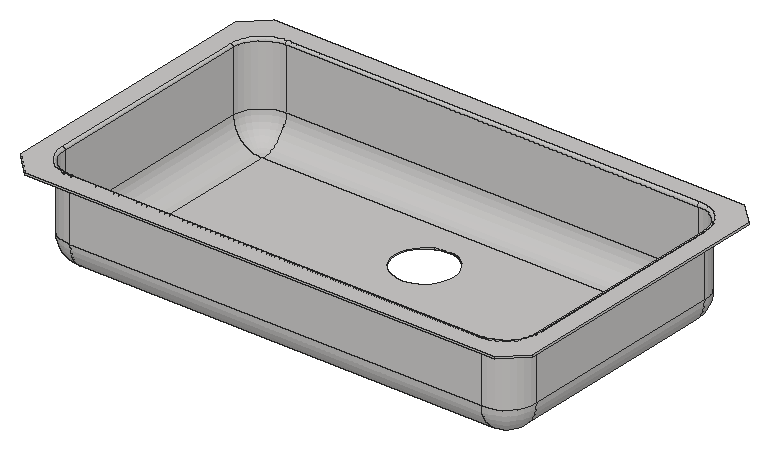
Revit family "Sink-Undermount-Acorn-SUADA-2816-45,55_Series", category Plumbing Fixtures, host Face, Revit 2019
Family settings
  Host = Face
  Round Connector Dimension = Use Diameter
  Part Type = Normal
  OmniClass Number = 23.45.05.14.14
  OmniClass Title = Sinks/Lavatories
  Cut with Voids When Loaded = No
  Shared = Yes
  Room Calculation Point = No
Parameters (values of type "SUADA-2816-55")
  Width = 30 1/2"  # constant formula
  Waste Connection = no
  WFU = 4  # constant formula
  Vent Connection = no
  URL = "https://www.acorneng.com/home"
  Type Comments = ""
  Product Page URL = ""
  Product Documentation Link = ""
  Model = "SUADA-2816-55"
  Material = "Stainless Steel-Acorn-Satin"  # constant formula
  Manufacturer = "Acorn"
  Length = 18 1/2"  # constant formula
  Installation Type = "Wall Mounted"
  Height = 5 1/2"
  HWFU = 3  # constant formula
  HW Connection = no
  Finish = Stainless Steel-Acorn-Satin
  Drain Opening Size = 3 1/2"
  Description = "Stainless Steel Undermount Sink"
  Default Elevation = 34"
  Creation Date = "23/12/2023"  # constant formula
  Compliance Certifications = "ASME A112.19.3/CSA B45.4, IAPMO® Certified"
  CWFU = 3  # constant formula
  CW Connection = no
  Bowl Width = 28"  # constant formula
  Bowl Length = 16"  # constant formula
  Assembly Code = "D2010440"
  ADA Compliant = yes
Types (3): name | Model | Height
  (no name) | "SUADA-2816-55" | 5 1/2"
  SUADA-2816-55 | "SUADA-2816-55" | 5 1/2"
  SUADA-2816-45 | "SUADA-2816-45" | 4 1/2"
Reference planes (in)
  plane 1 "Center (Front/Back)": y = 0
  plane 2: z = 0
  plane 3 "Center (Left/Right)": x = 0
  plane 4: z = -5.5
  plane 5: z = 0
  plane 6: z = 0
  plane 7: z = 0
  plane 8: x = -15.25
  plane 9: x = 15.25
  plane 10: x = -14
  plane 11: x = 14
  plane 12: y = -18.5
  plane 13: y = -17.25
  plane 14: y = -1.25
  plane 15: y = -6.25
  plane 16: z = -5.4375
Forms (in)
  Extrusion 1, solid, material "Stainless Steel-Acorn-Satin" <- "Finish"
    sketch origin (-24.32594, 1.28976, -0.59717) x (1, 0, 0) y (0, 1, 0)
      loop
        circle (24.32594, -7.53976) r 1.75
      loop
        arc (12.07594, -4.22734) -> (12.03181, -4.24562) -> (12.01353, -4.28976) r 0.06242
        line (12.01353, -4.28976) -> (12.01353, -16.78976)
        arc (12.01353, -16.78976) -> (12.03181, -16.83389) -> (12.07594, -16.85218) r 0.06242
        line (12.07594, -16.85218) -> (36.57594, -16.85218)
        arc (36.57594, -16.85218) -> (36.62008, -16.83389) -> (36.63836, -16.78976) r 0.06242
        line (36.63836, -16.78976) -> (36.63836, -4.28976)
        arc (36.63836, -4.28976) -> (36.62008, -4.24562) -> (36.57594, -4.22734) r 0.06242
        line (36.57594, -4.22734) -> (12.07594, -4.22734)
    from -4.90283 to -4.84033
  Sweep 2, solid, material "Stainless Steel-Acorn-Satin" <- "Finish"
    path origin (-5.75, 0.4907, 0) x (1, 0, 0) y (0, 1, 0)
      loop
        line (-8.25, -3.4907) -> (-8.25, -15.9907)
        arc (-8.25, -15.9907) -> (-7.73744, -17.22814) -> (-6.5, -17.7407) r 1.75
        line (-6.5, -17.7407) -> (18, -17.7407)
        arc (18, -17.7407) -> (19.23744, -17.22814) -> (19.75, -15.9907) r 1.75
        line (19.75, -15.9907) -> (19.75, -3.4907)
        arc (19.75, -3.4907) -> (19.23744, -2.25326) -> (18, -1.7407) r 1.75
        line (18, -1.7407) -> (-6.5, -1.7407)
        arc (-6.5, -1.7407) -> (-7.73744, -2.25326) -> (-8.25, -3.4907) r 1.75
    profile origin (-14, -9.25, 0) x (1, 0, 0) y (0, 0, 1)
      loop
        line (-0.15271, 0) -> (-0.21339, 0) -> (-0.21339, -0.09698) -> (-0.11121, -0.09698)
        arc (-0.11121, -0.09698) -> (-0.07671, -0.11127) -> (-0.06242, -0.14578) r 0.0488
        line (-0.06242, -0.14578) -> (-0.06242, -3.75)
        arc (-0.06242, -3.75) -> (0.45015, -4.98744) -> (1.68758, -5.5) r 1.75
        line (1.68758, -5.5) -> (1.68758, -5.4375)
        arc (1.68758, -5.4375) -> (0.49434, -4.94324) -> (0.00008, -3.75) r 1.6875
        line (0.00008, -3.75) -> (0.00008, -0.15279)
        arc (0.00008, -0.15279) -> (-0.04467, -0.04475) -> (-0.15271, 0) r 0.15279
  Extrusion 3, solid, material "Stainless Steel-Acorn-Satin" <- "Finish"
    sketch origin (-5.75, 0.4907, -0.09698) x (1, 0, 0) y (0, 1, 0)
      loop
        line (-9.5, -1.7407) -> (-9.5, -17.7407) -> (-8.25, -18.9907) -> (19.75, -18.9907) -> (21, -17.7407) -> (21, -1.7407) -> (19.75, -0.4907) -> (-8.25, -0.4907) -> (-9.5, -1.7407)
      loop
        arc (-6.5, -1.52731) -> (-7.88833, -2.10238) -> (-8.46339, -3.4907) r 1.96339
        line (-8.46339, -3.4907) -> (-8.46339, -15.9907)
        arc (-8.46339, -15.9907) -> (-7.88833, -17.37903) -> (-6.5, -17.95409) r 1.96339
        line (-6.5, -17.95409) -> (18, -17.95409)
        arc (18, -17.95409) -> (19.38833, -17.37903) -> (19.96339, -15.9907) r 1.96339
        line (19.96339, -15.9907) -> (19.96339, -3.4907)
        arc (19.96339, -3.4907) -> (19.38833, -2.10238) -> (18, -1.52731) r 1.96339
        line (18, -1.52731) -> (-6.5, -1.52731)
    from 0 to 0.09698
  Extrusion 4, void
    sketch origin (-2.25, 0.2407, 0) x (1, 0, 0) y (0, 1, 0)
      loop
        line (-11.75, -0.2407) -> (-13, -1.4907) -> (-13, -17.4907) -> (-11.75, -18.7407) -> (16.25, -18.7407) -> (17.5, -17.4907) -> (17.5, -1.4907) -> (16.25, -0.2407) -> (-11.75, -0.2407)
    from -9.39189 to 0
Cuts and joins
  joined: Extrusion 1, Sweep 2, Extrusion 3
Dimensions and locks (in)
  host face to plane 4 = 5 1/2"
  "Width": plane 8 to plane 9
  plane 10 to plane 3 "Center (Left/Right)" = 14"
  "Bowl Width": plane 10 to plane 11
  "Length": plane 12 to plane 1 "Center (Front/Back)"
  locked: plane 13 to plane 12 at 1.25
  "Bowl Length": plane 14 to plane 13
  plane 14 to plane 15 = 5"
  "Height": host face to plane 4
  "Height": level to Sweep 2 sketch curve
  locked: Sweep 2 sketch curve to Sweep 2 sketch curve at 0.0625
  locked: plane 16 to plane 4 at 0.0625
  aligned and locked: host face to plane 2
  aligned and locked: host face to level
  aligned and locked: plane 15 to Extrusion 1 sketch curve
  aligned and locked: Extrusion 3 sketch curve to cut or joined group of Extrusion 1, Sweep 2, Extrusion 3  (x4)
  aligned and locked: level to Extrusion 4
  aligned and locked: plane 3 "Center (Left/Right)" to Extrusion 1 sketch curve
  aligned and locked: Extrusion 1 to plane 4
  aligned and locked: Extrusion 1 to plane 16
Automatic sketch dimensions
  host sketch curve to host sketch curve = 161.60125"
  host sketch curve to host sketch curve = 96"
  Sweep 2 sketch curve to plane 10 = 0"
  Sweep 2 sketch curve to plane 14 = 0"
  Sweep 2 sketch curve to plane 13 = 0"
  Sweep 2 sketch curve to plane 11 = 0"
  Sweep 2 sketch curve to Sweep 2 sketch curve = 1 3/4"
  plane 10 to Sweep 2 sketch curve = 1 3/4"
  plane 11 to Sweep 2 sketch curve = 1 3/4"  (x2)
  plane 10 to Extrusion 1 sketch curve = 1 3/4"
  Extrusion 1 sketch curve to Extrusion 1 sketch curve = 0.06242"  (x4)
  plane 13 to Extrusion 1 sketch curve = 1 3/4"
  Extrusion 1 sketch curve to plane 14 = 1 3/4"
  plane 11 to Extrusion 1 sketch curve = 1 3/4"
  Extrusion 4 sketch curve to plane 10 = 0"  (x2)
  Extrusion 4 sketch curve to plane 11 = 0"  (x2)
  plane 1 "Center (Front/Back)" to Extrusion 4 sketch curve = 0"
  Extrusion 4 sketch curve to plane 9 = 0"
  Extrusion 4 sketch curve to plane 12 = 0"
  Extrusion 4 sketch curve to plane 13 = 0"  (x2)
  Extrusion 4 sketch curve to plane 14 = 0"  (x2)
  Extrusion 4 sketch curve to plane 8 = 0"
  Extrusion 3 sketch curve to plane 8 = 0"
  Extrusion 3 sketch curve to plane 10 = 0"  (x2)
  plane 1 "Center (Front/Back)" to Extrusion 3 sketch curve = 0"
  Extrusion 3 sketch curve to plane 11 = 0"  (x2)
  Extrusion 3 sketch curve to plane 9 = 0"
  Extrusion 3 sketch curve to plane 12 = 0"
  Extrusion 3 sketch curve to plane 13 = 0"  (x2)
  Extrusion 3 sketch curve to plane 14 = 0"  (x2)
  plane 10 to Extrusion 3 sketch curve = 1 3/4"  (x2)
  plane 11 to Extrusion 3 sketch curve = 1 3/4"
  Extrusion 3 sketch curve to plane 14 = 1 3/4"
  Sweep 2 sketch curve to Sweep 2 sketch curve = 0"
  Sweep 2 sketch curve to profile plane = 0"
  profile plane to Sweep 2 sketch curve = 0.21339"
  Sweep 2 sketch curve to Sweep 2 sketch curve = 0.06068"
  Sweep 2 sketch curve to Sweep 2 sketch curve = 0.0415"
  Sweep 2 sketch curve to profile plane = 0.00008"
  Sweep 2 sketch curve to Sweep 2 sketch curve = 1 11/16"
  Sweep 2 sketch curve to Sweep 2 sketch curve = 0.00701"
  radius of Extrusion 1 sketch curve = 1 3/4"
